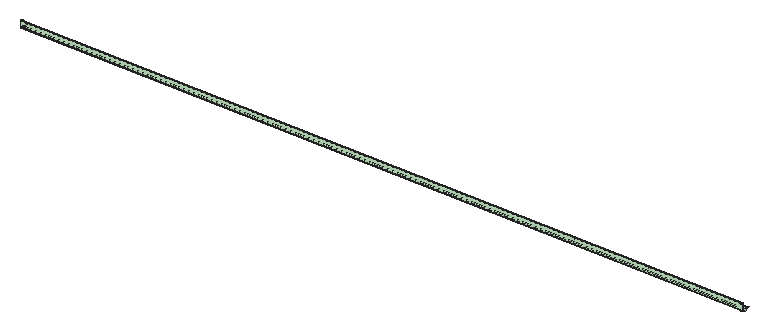
Revit family "クロス穴塞ぎ", category 機械設備, Revit 2020
Family settings
  丸型コネクタ寸法 = 直径を使用
  種別 = なし
  パーツ タイプ = 標準
  作業面ベース = いいえ
  常に垂直 = はい
  ロード時にボイドで切り取り = いいえ
  共有 = いいえ
  部屋計算ポイント = いいえ
Parameters
  製造元 = "株式会社桐井製作所"
  既定の高さ = 0 mm
  URL = "https://www.kirii.co.jp/"
  K_材質 = "カラー鋼板"
  K_品名 = "AXLL3032"
  K_名称 = "システム天井見切り"
  K_入数 = "20"
  K_バージョン情報 = "20220411"
Reference planes
  plane 1 "中心(正面/背面)": y = 0
  plane 2: z = 0
  plane 3 "中心(左/右)": x = 0
  plane 4: x = 3200
Forms (mm)
  Extrusion 1, solid
    sketch origin (0, 0, 0) x (0, 1, 0) y (0, 0, 1)
      loop
        line (2.741, 27.331) -> (3, 28.082) -> (2.239, 29.4)
        arc (2.239, 29.4) -> (0.889, 29.959) -> (0, 28.8) r 1.2
        line (0, 28.8) -> (0, 1.2)
        arc (0, 1.2) -> (0.351, 0.351) -> (1.2, 0) r 1.2
        line (1.2, 0) -> (14.4, 0)
        arc (14.4, 0) -> (14.824, -0.176) -> (15, -0.6) r 0.6
        line (15, -0.6) -> (15, -5.8)
        arc (15, -5.8) -> (15.555, -6.812) -> (16.707, -6.888) r 1.2
        line (16.707, -6.888) -> (31.307, -0.079)
        arc (31.307, -0.079) -> (31.99, 1.165) -> (31.008, 2.19) r 1.2
        line (31.008, 2.19) -> (29.249, 2.5) -> (28.632, 2) -> (30.904, 1.599)
        arc (30.904, 1.599) -> (31.395, 1.086) -> (31.054, 0.464) r 0.6
        line (31.054, 0.464) -> (16.454, -6.344)
        arc (16.454, -6.344) -> (15.878, -6.306) -> (15.6, -5.8) r 0.6
        line (15.6, -5.8) -> (15.6, -0.6)
        arc (15.6, -0.6) -> (15.249, 0.249) -> (14.4, 0.6) r 1.2
        line (14.4, 0.6) -> (1.2, 0.6)
        arc (1.2, 0.6) -> (0.776, 0.776) -> (0.6, 1.2) r 0.6
        line (0.6, 1.2) -> (0.6, 28.8)
        arc (0.6, 28.8) -> (1.045, 29.38) -> (1.72, 29.1) r 0.6
        line (1.72, 29.1) -> (2.741, 27.331)
    from 0 to 3200
Dimensions and locks
  plane 4 to plane 3 "中心(左/右)" = 3200 mm
  aligned and locked: level to plane 2
  aligned and locked: plane 4 to Extrusion 1
